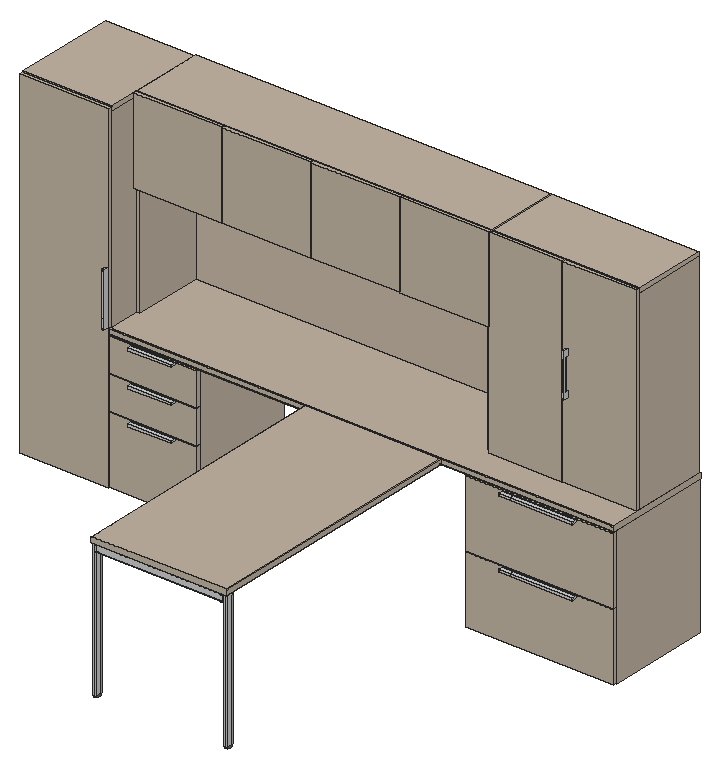
Revit family "FLT019", category Furniture, Revit 2019
Family settings
  OmniClass Number = 23.40.20.00
  OmniClass Title = General Furniture and Specialties
  Work Plane-Based = No
  Always vertical = Yes
  Cut with Voids When Loaded = No
  Shared = Yes
  Room Calculation Point = No
Parameters
  Series = "Flux Laminate"
  Manufacturer = "JSI"
  Description = "FLT019"
Reference planes (in)
  plane 1 "Center Front/Back": y = 0
  plane 2: z = 0
  plane 3 "Center Left/Right": x = 0
Dimensions and locks (in)
  aligned and locked: level to plane 2
Nested families (in)
  nested 1: "JSI-Flux-Run_off-Rec_Tbl_Desk-Leg_Asmbly" at (28.19795, -31.0893, 0.4082) x (0, -1, 0) z (0, 0, 1), type "FLT2854RRTN, 54 x 28 Rnff Pen Tbl Dsk Lg Asmbly, Laminate"
    with Width 4' - 6", Depth 2' - 3 1/2"
  nested 2: "JSI-Flux-Wb_Pm_Ht" at (-10.30781, 16.23038, 0), type "FLT2218-69FDWL, Wb, L, Laminate"
    with V_Void_Dist 0' - 2", V_Pull_Width 0' - 10 27/32", V_Pull_R_R yes, V_Pull_R_L no, Top_Pull no, R_Vertical_Pull_Dist 1' - 5 3/4", Partition no, Hngr_L no, H_Void_Width 1' - 6 1/16", H_Void_Upper_Dist 0' - 2", H_Void_Top_Dist 0' - 2", H_Void_C_Dist 0' - 2", H_Void_Bottom_Dist 0' - 2", H_Dist_V_Void 0' - 8 31/32", Top_Shelf_Width 1' - 4 1/2", Top_Shelf_Dist 1' - 1.94079", Top_Shelf_Array_Dist 1' - 0.03977", Height 5' - 9 7/32", H_Dist_Bottom_Shelf 0' - 0", FD yes, F7 no, F2 no, F1 no, F0 no, F no, C_Shelf_Width 1' - 4 1/2", C_Pull no, Bottom_Shelf_Width 1' - 4 1/2", Bottom_Shelf_ Dist 1' - 7", Bottom Pull no, # of Top Shelf 2
  nested 3: "JSI-Flux-Strg_Tower" at (79.67624, 16.32244, 0.31279), type "FLT1630-40STD, 40"h Strg Tower, 2 Dr, Laminate"
    with WB_Shelf_Height 1' - 1.08333", WB_Shelf_Dist 0' - 8 1/8", Top Width 2' - 5 7/8", Width 2' - 5 7/8", Shelf Width 2' - 4 3/8", Shelf Dist 1' - 1.08333", Shelf Array Dist 1' - 1.08333", Pull Height 1' - 8", Pull Distance 1' - 3 35/64", Part_R_Dist 2' - 5 1/8", L no, Height 3' - 4", Door Width 1' - 2 7/8", Door Array Dist 1' - 3", Back Width 2' - 4 3/8", # of Shelf 2
  nested 4: "JSI-Flux-Prime_Ht_Strg_OH_Cab" at (7.80124, 16.30042, 0.37868), type "FLT1672-40SO, Strg OH Cab, 4 Dr, Laminate"
    with Width 5' - 11 7/8", Partition Distance_R 2' - 11 9/16", Partition Distance_L 2' - 11 9/16", Door Width 1' - 5 7/8", Door Array Distance 1' - 6", # of Doors 4
  nested 5: "JSI-Flux-Crednz_Ped" at (2.95749, 16.18082, 0.12839), type "FLT2218-29FM1, BFF Crdnz Pdst, Laminate"
    with Top_Right_Pull_Dist 0' - 4 37/64", Top_Left_Pull_Dist 0' - 4 37/64", Top Door yes, Width 1' - 6", T_R_Pull yes, T_L_Pull yes, R_Door_Void_Dist 0' - 0", M1 yes, M0 no, L_Door_Void_Dist 0' - 0", Grommet Dist 1' - 10", Drawer Line yes, Doors Line yes, C_Shelf no, C_Pull_Dist 0' - 4 37/64", C_Pull yes, Bottom_Pull_Dist 0' - 4 37/64", Bottom Support no, Bottom Panel Dist 0' - 5 1/8", Bottom Door yes, Back Support no, Depth 1' - 9 13/16", BT_Pull yes
  nested 6: "JSI-Flux-Crednz_Ped" at (75.03021, 16.30042, 0.06618), type "FLT2230-29FM4, FF Crdnz Pdst, Laminate"
    with Top_Right_Pull_Dist 0' - 7 9/16", Top_Left_Pull_Dist 0' - 7 9/16", Top Door yes, Width 2' - 6", T_R_Pull yes, T_L_Pull yes, Pull Width 1' - 2 7/8", M4 yes, M0 no, Grommet Dist 2' - 10", Drawer Line yes, Doors Line yes, C_Shelf no, C_Pull_Dist 2' - 6", Bottom_Pull_Dist 0' - 7 9/16", Bottom Support no, Bottom Panel Dist 0' - 5 1/8", Bottom Door yes, Depth 1' - 9 13/16", BT_Pull_Width 1' - 2 7/8", BT_Pull yes
  nested 7: "JSI-Flux-Modular_Top" at (7.76999, 16.44286, 0.3125), type "FLT22102MCT,  22 x 102 Mod Cred Top, Sec Sup, Laminate"
    with Width 8' - 6"
Definition of nested family "JSI-Flux-Run_off-Rec_Tbl_Desk-Leg_Asmbly"
  Parameters (values of type "Type Catalog Family - Rnff Table Desk Leg Asmbly")
    Worksurface = none
    Width = 5' - 0"
    URL = "www.jsifurniture.com"
    Type Comments = ""
    Series = "FLUX"  # constant formula
    Sec Support Dst = 1' - 9"
    Model = "FLT3466RRTN"
    Material = ""
    Manufacturer = "JSI"  # constant formula
    Keynote = "12500"
    JSI Enviromental Website = "http://www.jsifurniture.com/jsi_sustainability_intro.php"
    Height = 2' - 5"
    Glides = none
    Frame = none
    Description = "66 X 34 Rectangular Run-off Peninsula Table Desk with End Leg Assembly"
    Depth = 2' - 9 1/2"
    Chassis = none
    Assembly Code = "E2020200"
  Reference planes (in)
    plane 1: z = 0
    plane 2 "Center (Left/Right)": x = -36.06413
    plane 3: z = 29
    plane 4: z = 27.8125
    plane 5 "Center (Front/Back)": y = 10.75
    plane 6: z = 0.3125
    plane 7: y = -22.75
    plane 8: x = 23.93587
    plane 9: z = 21
  Forms (in)
    Extrusion 1, solid, material <- "Frame"
      sketch origin (84, 10.625, 0.3125) x (0, 1, 0) y (-1, 0, 0)
        loop
          line (0, 60.25163) -> (0, 61.50163)
          arc (0, 61.50163) -> (-0.03661, 61.59002) -> (-0.125, 61.62663) r 0.125
          line (-0.125, 61.62663) -> (-0.625, 61.62663)
          arc (-0.625, 61.62663) -> (-0.71339, 61.59002) -> (-0.75, 61.50163) r 0.125
          line (-0.75, 61.50163) -> (-0.75, 60.25163)
          arc (-0.75, 60.25163) -> (-0.71339, 60.16325) -> (-0.625, 60.12663) r 0.125
          line (-0.625, 60.12663) -> (-0.125, 60.12663)
          arc (-0.125, 60.12663) -> (-0.03661, 60.16325) -> (0, 60.25163) r 0.125
        loop
          line (-32.5, 60.25163) -> (-32.5, 61.50163)
          arc (-32.5, 61.50163) -> (-32.53661, 61.59002) -> (-32.625, 61.62663) r 0.125
          line (-32.625, 61.62663) -> (-33.125, 61.62663)
          arc (-33.125, 61.62663) -> (-33.21339, 61.59002) -> (-33.25, 61.50163) r 0.125
          line (-33.25, 61.50163) -> (-33.25, 60.25163)
          arc (-33.25, 60.25163) -> (-33.21339, 60.16325) -> (-33.125, 60.12663) r 0.125
          line (-33.125, 60.12663) -> (-32.625, 60.12663)
          arc (-32.625, 60.12663) -> (-32.53661, 60.16325) -> (-32.5, 60.25163) r 0.125
      from 0 to 27.5
    Extrusion 2, solid, material <- "Worksurface"
      sketch origin (0, 0, 0) x (0, 1, 0) y (0, 0, 1)
        loop
          arc (10.625, 27.8125) -> (10.71339, 27.84911) -> (10.75, 27.9375) r 0.125
          line (10.75, 27.9375) -> (10.75, 28.875)
          arc (10.75, 28.875) -> (10.71339, 28.96339) -> (10.625, 29) r 0.125
          line (10.625, 29) -> (-22.625, 29)
          arc (-22.625, 29) -> (-22.71339, 28.96339) -> (-22.75, 28.875) r 0.125
          line (-22.75, 28.875) -> (-22.75, 27.9375)
          arc (-22.75, 27.9375) -> (-22.71339, 27.84911) -> (-22.625, 27.8125) r 0.125
          line (-22.625, 27.8125) -> (10.625, 27.8125)
      from -36.06413 to 23.93587
    Extrusion 3, solid, material <- "Frame"
      sketch origin (0, 0, 0) x (1, 0, 0) y (0, 0, 1)
        loop
          arc (23.24837, 27.8125) -> (23.15998, 27.77589) -> (23.12337, 27.6875) r 0.125
          line (23.12337, 27.6875) -> (23.12337, 26.4375)
          arc (23.12337, 26.4375) -> (23.15998, 26.34911) -> (23.24837, 26.3125) r 0.125
          line (23.24837, 26.3125) -> (23.74837, 26.3125)
          arc (23.74837, 26.3125) -> (23.83675, 26.34911) -> (23.87337, 26.4375) r 0.125
          line (23.87337, 26.4375) -> (23.87337, 27.6875)
          arc (23.87337, 27.6875) -> (23.83675, 27.77589) -> (23.74837, 27.8125) r 0.125
          line (23.74837, 27.8125) -> (23.24837, 27.8125)
      from -9.875 to 21.875
    Extrusion 4, solid, material <- "Glides"
      sketch origin (59, 0, 0) x (1, 0, 0) y (0, 1, 0)
        loop
          circle (-35.85735, 10.25072) r 0.55846
        loop
          circle (-35.85735, -22.25072) r 0.55846
      from 0 to 0.3125
  Lines and regions (in)
    symbolic lines
      curve 1: line (-36.06413, -22.75, 0) -> (23.93587, -22.75, 0)
      curve 2: line (-36.06413, 10.75, 0) -> (-36.06413, -22.75, 0)
      curve 3: line (23.93587, 10.75, 0) -> (-36.06413, 10.75, 0)
      curve 4: line (23.93587, -22.75, 0) -> (23.93587, 10.75, 0)
    symbolic lines, detail levels medium+fine
      curve 5: line (23.87337, 10.625, 0) -> (22.37337, 10.625, 0)
      curve 6: line (22.37337, 9.875, 0) -> (23.87337, 9.875, 0)
      curve 7: line (23.87337, 9.875, 0) -> (23.87337, 10.625, 0)
      curve 8: line (22.37337, 10.625, 0) -> (22.37337, 9.875, 0)
      curve 9: line (22.37337, -22.625, 0) -> (23.87337, -22.625, 0)
      curve 10: line (23.87337, -21.875, 0) -> (22.37337, -21.875, 0)
      curve 11: line (22.37337, -21.875, 0) -> (22.37337, -22.625, 0)
      curve 12: line (23.87337, -22.625, 0) -> (23.87337, -21.875, 0)
  Dimensions and locks (in)
    locked: plane 6 to level at 0.3125
    "Depth": plane 7 to plane 5 "Center (Front/Back)"
    locked: plane 3 to plane 4 at 1.1875
    plane 3 to level = 2' - 5"
    "Width": plane 2 "Center (Left/Right)" to plane 8
    Extrusion 1 sketch curve to Extrusion 1 sketch curve to plane 8 = 0' - 1 1/2" locked, 0' - 0 1/16" locked  (x2)
    Extrusion 1 sketch curve to Extrusion 1 sketch curve to plane 5 "Center (Front/Back)" = 0' - 0 3/4" locked, 0' - 0 1/8" locked
    Extrusion 1 sketch curve to Extrusion 1 sketch curve to plane 7 = 0' - 0 3/4" locked, 0' - 0 1/8" locked
    plane 8 to Extrusion 3 sketch curve to Extrusion 3 sketch curve = 0' - 0 1/16" locked, 0' - 0 3/4" locked
    locked: plane 4 to Extrusion 3 sketch curve at 1.5
    locked: Extrusion 4 sketch curve to plane 8 at 0.79322  (x2)
    locked: Extrusion 4 sketch curve to plane 5 "Center (Front/Back)" at 0.49928
    locked: plane 7 to Extrusion 4 sketch curve at 0.49928
    "Sec Support Dst": plane 9 to plane 1
    aligned and locked: level to plane 1
    aligned and locked: plane 4 to Extrusion 1
    aligned and locked: Extrusion 1 to plane 6
    aligned and locked: Extrusion 2 sketch curve to plane 5 "Center (Front/Back)"
    aligned and locked: plane 3 to Extrusion 2 sketch curve
    aligned and locked: Extrusion 2 sketch curve to plane 4
    aligned and locked: plane 7 to Extrusion 2 sketch curve
    aligned and locked: Extrusion 2 to plane 2 "Center (Left/Right)"
    aligned and locked: plane 8 to Extrusion 2
    aligned and locked: Extrusion 3 sketch curve to plane 4
    aligned and locked: Extrusion 3 to Extrusion 1  (x2)
    aligned and locked: curve 2 to plane 2 "Center (Left/Right)"
    aligned and locked: plane 8 to curve 4
    aligned and locked: curve 3 to plane 5 "Center (Front/Back)"
    aligned and locked: plane 7 to curve 1
    aligned and locked: curve 5 to Extrusion 1
    aligned and locked: curve 6 to Extrusion 1
    aligned and locked: curve 7 to Extrusion 1
    aligned and locked: curve 8 to Extrusion 1
    aligned and locked: curve 9 to Extrusion 1
    aligned and locked: curve 10 to Extrusion 1
    aligned and locked: curve 11 to Extrusion 1
    aligned and locked: curve 12 to Extrusion 1
  Automatic sketch dimensions
    Extrusion 1 sketch curve to Extrusion 1 sketch curve = 0' - 0 1/8"  (x8)
    Extrusion 2 sketch curve to Extrusion 2 sketch curve = 0' - 0 1/8"  (x3)
    plane 4 to Extrusion 2 sketch curve = 0' - 0 1/8"
    Extrusion 3 sketch curve to Extrusion 3 sketch curve = 0' - 0 1/8"  (x4)
    radius of Extrusion 4 sketch curve = 0' - 0.55846"  (x2)
Definition of nested family "JSI-Flux-Wb_Pm_Ht"
  Parameters (values of type "Type Catalog - Wb, Pm Ht")
    W = no
    V_Void_Dist = if(F, 0' 0", (if(W, (if(F7, (if(Width > 1' 7", 0' 0", 0' 2")), 0' 2")), 0' 2")))  # 0' - 0"
    V_Pull_Width = if(Height > 5' 10", 1' 2 27/32", 0' 10 27/32")  # 1' - 2 27/32"
    V_Pull_R_R = if(FD, (if(L, 1 > 2, 2 > 1)), (if(F, 1 > 2, (if(W, 1 > 2, 2 > 1)))))  # no
    V_Pull_R_L = if(FD, (if(L, 2 > 1, 1 > 2)), (if(F, (if(F0, (if(L, 1 > 2, 2 > 1)), 2 > 1)), 1 > 2)))  # yes
    V_Pull_L_R = if(FD, 1 > 2, (if(F, (if(F0, (if(L, 2 > 1, 1 > 2)), 2 > 1)), (if(W, (if(L, 1 > 2, (if(Width > 2' 1", 1 > 2, (if(F0, 1 > 2, 2 > 1)))))), 1 > 2)))))  # no
    V_Pull_L_L = if(FD, 1 > 2, (if(F, 1 > 2, (if(W, (if(Width > 2' 1", (if(F0, 1 > 2, 2 > 1)), (if(L, (if(F0, 1 > 2, 2 > 1)), 1 > 2)))), 2 > 1)))))  # no
    Top_V_Void_Dist = if(W, (if(Width > 2' 1", 0' 0", 0' 2")), 0' 2")  # 0' - 2"
    Top_Pull_Dist = if(W, (if(Width > 2' 1", (if(F7, ((Width / 2) - 0' 0 7/32" - Pull_Width), ((Width / 2) - (Pull_Width / 2)))), (if(F0, (if(F1, ((Width / 2) - (Pull_Width / 2)), (if(F2, ((Width / 2) - (Pull_Width / 2)), (if(L, (0' 0 1/4" + 0' 0 1/16"), (Width - 0' 0 1/4" - 0' 0 1/16" - Pull_Width))))))), (if(L, (0' 0 1/4" + 0' 0 1/16"), (Width - 0' 0 1/4" - 0' 0 1/16" - Pull_Width))))))), (if(L, Partition Dist + 0' 0 1/16" + 0' 0 7/32", Partition Dist + 0' 0 11/16" - 0' 0 7/32" - Pull_Width)))  # 0' - 0 29/32"
    Top_Pull = if(F1, 2 > 1, (if(F2, 2 > 1, (if(F7, 2 > 1, 1 > 2)))))  # yes
    Top_2_Pull_Dist = if(W, (if(F7, (if(Width > 1' 6", ((Width / 2) + 0' 0 1/16" + 0' 0 7/32"), Width + 0' 2")), Width + 0' 2")), Width + 0' 2")  # 1' - 8 1/16"
    Top_2_Pull = if(W, (if(F7, (if(Width > 2' 1", 2 > 1, 1 > 2)), 1 > 2)), 1 > 2)  # no
    R_Vertical_Pull_Dist = if(FD, (if(L, 0' 0 1/32" + 0' 0 1/16" + 0' 0 7/32", (Width - 0' 0 1/32" - 0' 0 1/16" - 0' 0 7/32"))), L_Vertical_Pull_Dist + 0' 0 7/16" + 0' 0 1/8")  # 1' - 0 5/16"
    Pull_Width = if(Width > 2' 1", (if(F7, 0' 10 27/32", 1' 2 3/4")), 0' 10 27/32")  # 0' - 10 27/32"
    Partition = if(FD, 1 > 2, (if(W, 1 > 2, 2 > 1)))  # yes
    L_Vertical_Pull_Dist = (if(W, (if(Width > 2' 1", ((Width / 2) + 0' 0 1/16" + 0' 0 7/32"), (if(L, 0' 0 1/16" + 0' 0 7/32", Width - 0' 0 1/16" - 0' 0 7/32")))), (if(L, Partition Dist - 0' 0 7/32" - 0' 0 1/16", Partition Dist + 0' 0 3/4" - 0' 0 7/32" - 0' 0 1/16"))))  # 0' - 11 3/4"
    Hngr_R = if(W, 1 > 2, (if(FD, 1 > 2, (if(L, 2 > 1, 1 > 2)))))  # no
    Hngr_L = if(W, 1 > 2, (if(FD, 1 > 2, (if(L, 1 > 2, 2 > 1)))))  # yes
    Hanger_Dist = if(L, Partition Dist + 0' 0 3/4", Partition Dist)  # 0' - 11 9/32"
    H_Void_Width = if(F, Top_Shelf_Width + 0' 1 1/2", Width)  # 1' - 0"
    H_Void_Upper_Dist = if(F0, 0' 0", 0' 2")  # 0' - 0"
    H_Void_Top_Dist = if(FD, 0' 2", 0' 0")  # 0' - 0"
    H_Void_H_Dist = if(F, (if(L, Partition Dist + 0' 0 1/16", 0' 0")), 0' 0")  # 0' - 0"
    H_Void_C_Dist = if(F1, 0' 0", 0' 2")  # 0' - 0"
    H_Void_Bottom_Dist = if(F1, 0' 0", (if(F2, 0' 0", 0' 2")))  # 0' - 0"
    H_Dist_V_Void = if(F, (if(L, Partition Dist - 0' 0 1/16", Partition Dist + 0' 0 3/4" - 0' 0 1/16")), (Width / 2) - 0' 0 1/16")  # 0' - 11 31/32"
    H_Dist_C_Panel = if(F, (if(L, Partition Dist - 0' 0 1/32", 0' 0")), 0' 0")  # 0' - 0"
    Top_Shelf_Width = C_Shelf_Width  # 0' - 10 1/2"
    Top_Shelf_Dist = (Height - 0' 0 5/16" - 0' 1 1/2" - 0' 1 3/16") / 4.75  # 1' - 4.46711"
    Top_Shelf_Array_Dist = (Height - 0' 0 5/16" - 0' 1 1/2" - 0' 1 3/16") / 5.5  # 1' - 2.22159"
    Top = none
    Width = 1' - 6 1/16"
    URL = "www.jsifurniture.com"
    Type Comments = ""
    TAG = if(FD, "1Door", (if(F1, "BBF", (if(F2, "FF", (if(Width < 2' 1", "1 Door", "2 Doors")))))))  # "BBF"
    Shelf = none
    Series = "FLUX"  # constant formula
    Pull Finish = none
    Partition Dist = if(L, 0' 6 1/32", Width - 0' 6 1/32" - 0' 0 3/4")  # 0' - 11 9/32"
    Model = ""
    Manufacturer = "JSI"  # constant formula
    L = no
    Keynote = "12500"
    JSI Enviromental Website = "http://www.jsifurniture.com/jsi_sustainability_intro.php"
    Height = 6' - 9 7/32"
    H_Dist_Top_Shelf = if(F, (if(L, Partition Dist + 0' 0 3/4", 0' 0 3/4" + 0' 0 1/32")), 0' 0 3/4" + 0' 0 1/32")  # 0' - 0 25/32"
    H_Dist_Bottom_Shelf = if(F, (if(L, 0' 0", Width - Bottom_Shelf_Width - 0' 0 1/16" - 0' 1 1/2")), 0' 0")  # 0' - 11 1/4"
    Glides = none
    FD = no
    F7 = yes
    F2 = yes
    F1 = yes
    F0 = yes
    F = yes
    Door Line = if(W, (if(Width > 2' 1", (if(F0, (if(F7, 2 > 1, 1 > 2)), 2 > 1)), 1 > 2)), 1 > 2)  # no
    C_Shelf_Width = if(F, Width - 0' 6 1/32" - 0' 1 1/2" - 0' 0 1/32", Width - 0' 0 1/16" - 0' 1 1/2")  # 0' - 10 1/2"
    C_Pull_Dist = Top_Pull_Dist  # 0' - 0 29/32"
    C_Pull = if(F1, 2 > 1, 1 > 2)  # yes
    Bottom_Shelf_Width = if(F, 0' 5 1/4", (Width - 0' 0 1/16" - 0' 1 1/2"))  # 0' - 5 1/4"
    Bottom_Shelf_ Dist = if(FD, 1' 7", 2' 1")  # 2' - 1"
    Bottom_Pull_Dist = Top_Pull_Dist  # 0' - 0 29/32"
    Bottom Pull = if(F1, 2 > 1, (if(F2, 2 > 1, 1 > 2)))  # yes
    Back Panel = none
    Door Front = none
    Description = ""
    Depth = 1' - 9 13/16"
    Chassis = none
    Assembly Code = "E2020200"
    # of Top Shelf = if(Height > 5' 10", 3, 2)  # 3
  Reference planes (in)
    plane 1: z = 0
    plane 2 "Center (Left/Right)": x = -36.06413
    plane 3 "Center (Front/Back)": y = 10.75
    plane 4: x = -18.00163
    plane 5: x = -36.03288
    plane 6: x = -18.03288
    plane 7: y = 10.71875
    plane 8: y = -10.28125
    plane 9: x = -35.28288
    plane 10: x = -18.78288
    plane 11: x = -27.03288
    plane 12: z = 81.21875
    plane 13: z = 0.3125
    plane 14: z = 1.5
    plane 15: z = 2.25
    plane 16: z = 80.46875
    plane 17: y = 10.65625
    plane 18: y = 9.90625
    plane 19: y = 5.90625
    plane 20: y = -10.25
    plane 21: y = -6.25
    plane 22: x = -34.28288
    plane 23: x = -19.78288
    plane 24: y = -9.25
    plane 25: y = 8.90625
    plane 26: y = -11.0625
    plane 27: z = 0.4375
    plane 28: x = -35.97038
    plane 29: x = -18.09538
    plane 30: x = -27.09538
    plane 31: x = -26.97038
    plane 32: z = 81.09375
    plane 33: z = 26.5
    plane 34: z = 27.25
    plane 35: z = 14.375
    plane 36: z = 14.75
    plane 37: z = 14
    plane 38: z = 68.46875
    plane 39: z = 67.71875
    plane 40: y = -10.3125
    plane 41: y = -10.3125
    plane 42: y = -11.3125
    plane 43: y = -10.3125
    plane 44: y = -11.3125
    plane 45: y = -10.3125
    plane 46: y = -11.3125
    plane 47: y = -10.3125
    plane 48: y = -11.3125
    plane 49: z = 26.9375
    plane 50: z = 27.0625
    plane 51: z = 1.625
    plane 52: z = 14.28125
    plane 53: z = 14.34375
    plane 54: z = 14.21875
    plane 55: x = -24.78288
    plane 56: x = -24.03288
    plane 57: x = -24.09538
    plane 58: x = -23.97038
    plane 59: z = 20.64063
    plane 60: z = 20.70313
    plane 61: z = 20.57813
    plane 62: x = -36.06413
    plane 63: x = -24.06413
    plane 64: y = -10.3125
    plane 65: y = -11.3125
    plane 66: x = -24.78288
    plane 67: y = -0.15625
    plane 68: z = 77.59375
    plane 69: x = -35.15788
    plane 70: x = -35.15788
    plane 71: x = -35.15788
    plane 72: z = 26.73438
    plane 73: z = 20.375
    plane 74: z = 14.01563
    plane 75: x = -24.31413
    plane 76: x = -23.75163
    plane 77: z = 40.76563
    plane 78: x = -16.00163
    plane 79: y = -12.3125
    plane 80: y = -13.3125
  Forms (in)
    Extrusion 1, solid, material <- "Chassis"
      sketch origin (0, 0, 0) x (1, 0, 0) y (0, 1, 0)
        loop
          line (-36.03288, 10.71875) -> (-36.03288, -10.25) -> (-35.28288, -10.25) -> (-35.28288, 10.71875) -> (-36.03288, 10.71875)
      from 0.3125 to 80.46875
    Extrusion 2, solid, material <- "Chassis"
      sketch origin (0, 0, 0) x (1, 0, 0) y (0, 1, 0)
        loop
          line (-18.03288, 10.71875) -> (-18.78288, 10.71875) -> (-18.78288, -10.25) -> (-18.03288, -10.25) -> (-18.03288, 10.71875)
      from 0.3125 to 80.46875
    Extrusion 3, solid, material <- "Back Panel"
      sketch origin (0, 0, 0) x (1, 0, 0) y (0, 1, 0)
        loop
          line (-18.78288, 10.65625) -> (-35.28288, 10.65625) -> (-35.28288, 9.90625) -> (-18.78288, 9.90625) -> (-18.78288, 10.65625)
      from 0.3125 to 80.46875
    Extrusion 4, solid, material <- "Top"
      sketch origin (0, 0, 0) x (0, 1, 0) y (0, 0, 1)
        loop
          line (10.75, 81.21875) -> (-10.28125, 81.21875) -> (-10.28125, 80.46875) -> (10.75, 80.46875) -> (10.75, 81.21875)
      from -36.06413 to -18.00163
    Extrusion 5, solid, material <- "Chassis"
      sketch origin (0, 0, 0) x (0, 1, 0) y (0, 0, 1)
        loop
          line (9.90625, 1.5) -> (5.90625, 1.5) -> (5.90625, 0.3125) -> (9.90625, 0.3125) -> (9.90625, 1.5)
      from -35.28288 to -18.78288
    Extrusion 6, solid, material <- "Chassis"
      sketch origin (0, 0, 0) x (0, 1, 0) y (0, 0, 1)
        loop
          line (-6.25, 1.5) -> (-10.25, 1.5) -> (-10.25, 0.3125) -> (-6.25, 0.3125) -> (-6.25, 1.5)
      from -35.28288 to -18.78288
    Extrusion 7, solid, material <- "Shelf"
      sketch origin (0, 0, 0) x (0, 1, 0) y (0, 0, 1)
        loop
          line (9.90625, 1.5) -> (9.90625, 2.25) -> (-10.25, 2.25) -> (-10.25, 1.5) -> (9.90625, 1.5)
      from -35.28288 to -18.78288
    Extrusion 8, solid, material <- "Glides"
      sketch origin (0, 0, 0) x (1, 0, 0) y (0, 1, 0)
        loop
          circle (-34.28288, 8.90625) r 0.5
      from 0 to 0.3125
    Extrusion 9, solid, material <- "Glides"
      sketch origin (0, 0, 0) x (1, 0, 0) y (0, 1, 0)
        loop
          circle (-19.78288, 8.90625) r 0.5
      from 0 to 0.3125
    Extrusion 10, solid, material <- "Glides"
      sketch origin (0, 0, 0) x (1, 0, 0) y (0, 1, 0)
        loop
          circle (-34.28288, -9.25) r 0.5
      from 0 to 0.3125
    Extrusion 11, solid, material <- "Glides"
      sketch origin (0, 0, 0) x (1, 0, 0) y (0, 1, 0)
        loop
          circle (-19.78288, -9.25) r 0.5
      from 0 to 0.3125
    Extrusion 12, solid, material <- "Shelf"
      sketch origin (0, 0, 0) x (1, 0, 0) y (0, 0, 1)
        loop
          line (-35.28288, 26.5) -> (-24.78288, 26.5) -> (-24.78288, 27.25) -> (-35.28288, 27.25) -> (-35.28288, 26.5)
      from -9.90625 to 10.25
    Extrusion 13, solid, material <- "Shelf"
      sketch origin (2.625, 0, 0) x (1, 0, 0) y (0, 0, 1)
        loop
          line (-26.65788, 14) -> (-21.40788, 14) -> (-21.40788, 14.75) -> (-26.65788, 14.75) -> (-26.65788, 14)
      from -9.90625 to 10.25
    Extrusion 14, solid, material <- "Shelf"
      sketch origin (-1, 0, -3.71711) x (1, 0, 0) y (0, 0, 1)
        loop
          line (-34.28288, 68.46875) -> (-34.28288, 67.71875) -> (-23.78288, 67.71875) -> (-23.78288, 68.46875) -> (-34.28288, 68.46875)
      from -9.90625 to 9.25
    Extrusion 15, solid, material <- "Shelf"
      sketch origin (-1, 0, -17.9387) x (1, 0, 0) y (0, 0, 1)
        loop
          line (-34.28288, 68.46875) -> (-34.28288, 67.71875) -> (-23.78288, 67.71875) -> (-23.78288, 68.46875) -> (-34.28288, 68.46875)
      from -9.90625 to 9.25
    Extrusion 16, solid, material <- "Shelf"
      sketch origin (-1, 0, -32.16029) x (1, 0, 0) y (0, 0, 1)
        loop
          line (-34.28288, 68.46875) -> (-34.28288, 67.71875) -> (-23.78288, 67.71875) -> (-23.78288, 68.46875) -> (-34.28288, 68.46875)
      from -9.90625 to 9.25
    Extrusion 17, solid, material <- "Door Front"
      sketch origin (0, 0, 0) x (1, 0, 0) y (0, 1, 0)
        loop
          line (-35.97038, -10.3125) -> (-35.97038, -11.0625) -> (-18.09538, -11.0625) -> (-18.09538, -10.3125) -> (-35.97038, -10.3125)
      from 0.4375 to 81.09375
    Extrusion 18, solid, material <- "Chassis", visible <- "Partition"
      sketch origin (0, 0, 0) x (1, 0, 0) y (0, 1, 0)
        loop
          line (-24.78288, 9.90625) -> (-24.78288, -10.25) -> (-24.03288, -10.25) -> (-24.03288, 9.90625) -> (-24.78288, 9.90625)
      from 2.25 to 80.46875
    Extrusion 19, void
      sketch origin (0, 0, 0) x (1, 0, 0) y (0, 1, 0)
        loop
          line (-24.09538, -10.3125) -> (-24.09538, -11.3125) -> (-23.97038, -11.3125) -> (-23.97038, -10.3125) -> (-24.09538, -10.3125)
      from 0.3125 to 81.21875
    Extrusion 20, void
      sketch origin (0, 0, 0) x (1, 0, 0) y (0, 0, 1)
        loop
          line (-36.06413, 26.9375) -> (-24.06413, 26.9375) -> (-24.06413, 27.0625) -> (-36.06413, 27.0625) -> (-36.06413, 26.9375)
      from 10.3125 to 11.3125
    Extrusion 21, void
      sketch origin (0, 0, 0) x (1, 0, 0) y (0, 0, 1)
        loop
          line (-36.06413, 20.70313) -> (-36.06413, 20.57813) -> (-24.06413, 20.57813) -> (-24.06413, 20.70313) -> (-36.06413, 20.70313)
      from 10.3125 to 11.3125
    Extrusion 22, void
      sketch origin (0, 0, 0) x (1, 0, 0) y (0, 0, 1)
        loop
          line (-36.06413, 14.34375) -> (-36.06413, 14.21875) -> (-24.06413, 14.21875) -> (-24.06413, 14.34375) -> (-36.06413, 14.34375)
      from 10.3125 to 11.3125
    Extrusion 23, void
      sketch origin (0, 0, 0) x (1, 0, 0) y (0, 0, 1)
        loop
          line (-36.06413, 81.21875) -> (-36.06413, 27.0625) -> (-24.06413, 27.0625) -> (-24.06413, 81.21875) -> (-36.06413, 81.21875)
      from 10.3125 to 11.3125
    Extrusion 24, void
      sketch origin (0, 0, 0) x (1, 0, 0) y (0, 1, 0)
        loop
          line (-24.09538, -12.3125) -> (-24.09538, -13.3125) -> (-23.97038, -13.3125) -> (-23.97038, -12.3125) -> (-24.09538, -12.3125)
      from 26.9375 to 81.21875
  Cuts and joins
    Extrusion 19, Extrusion 20, Extrusion 21, Extrusion 22, Extrusion 23, Extrusion 24 cuts Extrusion 17
  Lines and regions (in)
    symbolic lines
      curve 1: line (-36.06413, 10.75, 0) -> (-36.06413, -10.28125, 0)
      curve 2: line (-18.00163, 10.75, 0) -> (-36.06413, 10.75, 0)
      curve 3: line (-18.00163, -10.28125, 0) -> (-36.06413, -10.28125, 0)
      curve 4: line (-18.00163, 10.75, 0) -> (-18.00163, -10.28125, 0)
      curve 15: line (-35.97038, -10.3125, 0) -> (-35.97038, -11.0625, 0)
      curve 16: line (-18.09538, -10.3125, 0) -> (-23.97038, -10.3125, 0)
      curve 17: line (-18.09538, -11.0625, 0) -> (-23.97038, -11.0625, 0)
      curve 18: line (-18.09538, -10.3125, 0) -> (-18.09538, -11.0625, 0)
      curve 21: line (-24.09538, -10.3125, 0) -> (-35.97038, -10.3125, 0)
      curve 22: line (-24.09538, -11.0625, 0) -> (-35.97038, -11.0625, 0)
    symbolic lines, detail levels medium+fine
      curve 5: line (-36.03288, 10.71875, 0) -> (-36.03288, -10.25, 0)
      curve 6: line (-35.28288, 10.71875, 0) -> (-35.28288, -10.25, 0)
      curve 7: line (-18.78288, 10.71875, 0) -> (-18.78288, -10.25, 0)
      curve 8: line (-18.03288, 10.71875, 0) -> (-18.03288, -10.25, 0)
      curve 9: line (-35.28288, 10.71875, 0) -> (-36.03288, 10.71875, 0)
      curve 10: line (-35.28288, -10.25, 0) -> (-36.03288, -10.25, 0)
      curve 11: line (-18.03288, 10.71875, 0) -> (-18.78288, 10.71875, 0)
      curve 12: line (-18.03288, -10.25, 0) -> (-18.78288, -10.25, 0)
      curve 13: line (-18.78288, 10.65625, 0) -> (-35.28288, 10.65625, 0)
      curve 14: line (-18.78288, 9.90625, 0) -> (-35.28288, 9.90625, 0)
    symbolic lines, visible <- "F"
      curve 19: line (-24.09538, -10.3125, 0) -> (-24.09538, -11.0625, 0)
      curve 20: line (-23.97038, -10.3125, 0) -> (-23.97038, -11.0625, 0)
    symbolic lines, visible <- "FD"
      curve 23: line (-24.09538, -10.3125, 0) -> (-23.97038, -10.3125, 0)
      curve 24: line (-24.09538, -11.0625, 0) -> (-23.97038, -11.0625, 0)
    symbolic lines, visible <- "Door Line"
      curve 25: line (-24.09538, -10.3125, 0) -> (-24.09538, -11.0625, 0)
      curve 26: line (-23.97038, -10.3125, 0) -> (-23.97038, -11.0625, 0)
    symbolic lines, visible <- "W"
      curve 27: line (-24.09538, -11.0625, 0) -> (-23.97038, -11.0625, 0)
      curve 28: line (-24.09538, -10.3125, 0) -> (-23.97038, -10.3125, 0)
  Dimensions and locks (in)
    locked: plane 2 "Center (Left/Right)" to plane 5 at 0.03125
    locked: plane 6 to plane 4 at 0.03125
    "Width": plane 2 "Center (Left/Right)" to plane 4
    locked: plane 7 to plane 3 "Center (Front/Back)" at 0.03125
    locked: plane 5 to plane 9 at 0.75
    locked: plane 10 to plane 6 at 0.75
    equal spacing: plane 2 "Center (Left/Right)", plane 11, plane 4
    "Height": plane 12 to plane 1
    locked: plane 12 to plane 16 at 0.75
    locked: plane 13 to plane 1 at 0.3125
    locked: plane 15 to plane 14 at 0.75
    locked: plane 14 to plane 13 at 1.1875
    plane 18 to plane 17 to plane 7 = 0' - 0 3/4" locked, 0' - 0 1/16" locked
    locked: plane 19 to plane 18 at 4
    plane 40 to plane 8 to plane 20 = 0' - 0 1/32", 0' - 0 1/32"
    locked: plane 20 to plane 21 at 4
    locked: plane 9 to plane 22 at 1
    locked: plane 23 to plane 10 at 1
    locked: plane 20 to plane 24 at 1
    locked: plane 25 to plane 18 at 1
    locked: curve 5 to curve 6 at 0.75
    locked: curve 7 to curve 8 at 0.75
    locked: plane 27 to plane 13 at 0.125
    locked: plane 5 to plane 28 at 0.0625
    locked: plane 29 to plane 6 at 0.0625
    plane 30 to plane 11 to plane 31 = 0' - 0 1/16" locked, 0' - 0 1/16" locked
    locked: plane 12 to plane 32 at 0.125
    locked: plane 34 to plane 33 at 0.75
    "Bottom_Shelf_ Dist": plane 34 to plane 15
    equal spacing: plane 33, plane 35, plane 15
    plane 36 to plane 35 to plane 37 = 0' - 0 3/8" locked, 0' - 0 3/8" locked
    locked: plane 38 to plane 39 at 0.75
    locked: plane 26 to plane 40 at 0.75
    "Depth": plane 26 to plane 3 "Center (Front/Back)"
    "C_Shelf_Width": Extrusion 12 sketch curve to Extrusion 12 sketch curve
    "Bottom_Shelf_Width": Extrusion 13 sketch curve to Extrusion 13 sketch curve
    "H_Dist_Bottom_Shelf": Extrusion 13 to plane 9
    "H_Dist_C_Panel": Extrusion 12 to plane 9
    "Top_Shelf_Width": Extrusion 14 sketch curve to Extrusion 14 sketch curve
    locked: Extrusion 14 sketch curve to Extrusion 14 sketch curve at 0.75
    "Top_Shelf_Width": Extrusion 15 sketch curve to Extrusion 15 sketch curve
    locked: Extrusion 15 sketch curve to Extrusion 15 sketch curve at 0.75
    equal spacing: group 1, group 2, group 3  (x2)
    equal spacing: group 3, group 2, group 1
    "H_Dist_Top_Shelf": Extrusion 14 to plane 2 "Center (Left/Right)"
    "Top_Shelf_Dist": plane 12 to Extrusion 14
    "Top_Shelf_Array_Dist": Extrusion 14 to Extrusion 15
    "Top_Shelf_Width": Extrusion 16 sketch curve to Extrusion 16 sketch curve
    locked: Extrusion 16 sketch curve to Extrusion 16 sketch curve at 0.75
    locked: plane 34 to plane 49 at 0.3125
    locked: plane 50 to plane 49 at 0.125
    locked: plane 51 to plane 14 at 0.125
    equal spacing: plane 49, plane 52, plane 51
    plane 53 to plane 52 to plane 54 = 0' - 0 1/16" locked, 0' - 0 1/16" locked
    locked: plane 55 to plane 56 at 0.75
    "Partition Dist": plane 2 "Center (Left/Right)" to plane 55
    locked: plane 57 to plane 58 at 0.125
    "H_Dist_V_Void": plane 2 "Center (Left/Right)" to plane 57
    equal spacing: plane 49, plane 59, plane 53
    plane 60 to plane 59 to plane 61 = 0' - 0 1/16" locked, 0' - 0 1/16" locked
    "H_Void_Width": plane 62 to plane 63
    "H_Void_H_Dist": plane 2 "Center (Left/Right)" to plane 62
    "V_Void_Dist": plane 41 to plane 40
    "H_Void_Top_Dist": plane 43 to plane 40
    "H_Void_C_Dist": plane 45 to plane 40
    "H_Void_Bottom_Dist": plane 47 to plane 40
    locked: plane 42 to plane 41 at 1
    locked: plane 44 to plane 43 at 1
    locked: plane 46 to plane 45 at 1
    locked: plane 48 to plane 47 at 1
    locked: plane 65 to plane 64 at 1
    "H_Void_Upper_Dist": plane 64 to plane 40
    equal spacing: plane 26, plane 67, plane 3 "Center (Front/Back)"
    locked: plane 12 to plane 68 at 3.625
    "Hanger_Dist": plane 2 "Center (Left/Right)" to plane 66
    locked: plane 49 to plane 72 at 0.20313
    locked: plane 61 to plane 73 at 0.20312
    locked: plane 54 to plane 74 at 0.20312
    "Top_Pull_Dist": plane 2 "Center (Left/Right)" to plane 69
    "C_Pull_Dist": plane 2 "Center (Left/Right)" to plane 70
    "Bottom_Pull_Dist": plane 2 "Center (Left/Right)" to plane 71
    plane 12 to plane 13 = 6' - 8 29/32"
    equal spacing: plane 12, plane 77, plane 13
    "L_Vertical_Pull_Dist": plane 2 "Center (Left/Right)" to plane 75
    "R_Vertical_Pull_Dist": plane 2 "Center (Left/Right)" to plane 76
    "Top_2_Pull_Dist": plane 2 "Center (Left/Right)" to plane 78
    locked: plane 80 to plane 79 at 1
    "Top_V_Void_Dist": plane 79 to plane 43
    radius of Extrusion 8 sketch curve = 0' - 0 1/2"
    radius of Extrusion 9 sketch curve = 0' - 0 1/2"
    radius of Extrusion 10 sketch curve = 0' - 0 1/2"
    radius of Extrusion 11 sketch curve = 0' - 0 1/2"
    aligned and locked: level to plane 1
    aligned and locked: Extrusion 1 sketch curve to plane 5
    aligned and locked: Extrusion 1 sketch curve to plane 9
    aligned and locked: Extrusion 1 sketch curve to plane 7
    aligned and locked: Extrusion 2 sketch curve to plane 7
    aligned and locked: Extrusion 2 sketch curve to plane 6
    aligned and locked: Extrusion 2 sketch curve to plane 10
    aligned and locked: Extrusion 3 sketch curve to plane 17
    aligned and locked: Extrusion 3 sketch curve to plane 18
    aligned and locked: Extrusion 3 sketch curve to plane 9
    aligned and locked: Extrusion 3 sketch curve to plane 10
    aligned and locked: plane 16 to Extrusion 3
    aligned and locked: plane 3 "Center (Front/Back)" to Extrusion 4 sketch curve
    aligned and locked: plane 12 to Extrusion 4 sketch curve
    aligned and locked: plane 16 to Extrusion 4 sketch curve
    aligned and locked: plane 8 to Extrusion 4 sketch curve
    aligned and locked: Extrusion 4 to plane 2 "Center (Left/Right)"
    aligned and locked: plane 4 to Extrusion 4
    aligned and locked: plane 18 to Extrusion 5 sketch curve
    aligned and locked: plane 19 to Extrusion 5 sketch curve
    aligned and locked: plane 13 to Extrusion 5 sketch curve
    aligned and locked: plane 14 to Extrusion 5 sketch curve
    aligned and locked: Extrusion 3 to plane 13
    aligned and locked: plane 21 to Extrusion 6 sketch curve
    aligned and locked: plane 20 to Extrusion 6 sketch curve
    aligned and locked: plane 13 to Extrusion 6 sketch curve
    aligned and locked: plane 14 to Extrusion 6 sketch curve
    aligned and locked: Extrusion 5 to plane 9
    aligned and locked: Extrusion 6 to plane 9
    aligned and locked: plane 10 to Extrusion 6
    aligned and locked: plane 10 to Extrusion 5
    aligned and locked: plane 14 to Extrusion 7 sketch curve
    aligned and locked: plane 15 to Extrusion 7 sketch curve
    aligned and locked: plane 18 to Extrusion 7 sketch curve
    aligned and locked: plane 20 to Extrusion 7 sketch curve
    aligned and locked: Extrusion 7 to plane 9
    aligned and locked: plane 10 to Extrusion 7
    aligned and locked: Extrusion 10 to plane 1
    aligned and locked: Extrusion 8 to plane 1
    aligned and locked: plane 13 to Extrusion 8
    aligned and locked: plane 13 to Extrusion 10
    aligned and locked: Extrusion 11 to plane 1
    aligned and locked: Extrusion 9 to plane 1
    aligned and locked: plane 13 to Extrusion 9
    aligned and locked: plane 13 to Extrusion 11
    aligned and locked: plane 11 to nested 1
    aligned and locked: curve 1 to plane 2 "Center (Left/Right)"
    aligned and locked: curve 2 to plane 3 "Center (Front/Back)"
    aligned and locked: curve 4 to plane 4
    aligned and locked: curve 9 to plane 7
    aligned and locked: curve 11 to plane 7
    aligned and locked: curve 5 to plane 5
    aligned and locked: curve 7 to plane 10
    aligned and locked: plane 9 to curve 14
    aligned and locked: plane 10 to curve 13
    aligned and locked: plane 10 to curve 14
    aligned and locked: plane 26 to nested 1
    aligned and locked: plane 8 to Extrusion 4
    aligned and locked: plane 20 to Extrusion 1
    aligned and locked: curve 10 to plane 20
    aligned and locked: curve 12 to plane 20
    aligned and locked: plane 20 to Extrusion 2
    aligned and locked: Extrusion 12 sketch curve to plane 33
    aligned and locked: Extrusion 12 sketch curve to plane 34
    aligned and locked: Extrusion 12 to plane 18
    aligned and locked: plane 20 to Extrusion 12
    aligned and locked: Extrusion 13 sketch curve to plane 37
    aligned and locked: Extrusion 13 sketch curve to plane 36
    aligned and locked: Extrusion 14 to plane 18
    aligned and locked: plane 24 to Extrusion 14
    aligned and locked: Extrusion 14 to Extrusion 15
    aligned and locked: Extrusion 17 sketch curve to plane 28
    aligned and locked: Extrusion 17 sketch curve to plane 40
    aligned and locked: Extrusion 17 sketch curve to plane 26
    aligned and locked: Extrusion 17 sketch curve to plane 29
    aligned and locked: Extrusion 17 to plane 27
    aligned and locked: plane 32 to Extrusion 17
    aligned and locked: Extrusion 18 sketch curve to plane 55
    aligned and locked: Extrusion 18 sketch curve to plane 56
    aligned and locked: Extrusion 18 sketch curve to plane 18
    aligned and locked: Extrusion 18 sketch curve to plane 20
    aligned and locked: Extrusion 18 to plane 15
    aligned and locked: plane 16 to Extrusion 18
    aligned and locked: Extrusion 13 to plane 18
    aligned and locked: plane 20 to Extrusion 13
    aligned and locked: Extrusion 19 sketch curve to plane 57
    aligned and locked: Extrusion 19 sketch curve to plane 58
    aligned and locked: Extrusion 19 sketch curve to plane 41
    aligned and locked: Extrusion 19 sketch curve to plane 42
    aligned and locked: Extrusion 19 to plane 13
    aligned and locked: plane 12 to Extrusion 19
    aligned and locked: Extrusion 20 sketch curve to plane 49
    aligned and locked: Extrusion 20 sketch curve to plane 50
    aligned and locked: Extrusion 20 sketch curve to plane 62
    aligned and locked: Extrusion 20 sketch curve to plane 63
    aligned and locked: plane 44 to Extrusion 20
    aligned and locked: Extrusion 20 to plane 43
    aligned and locked: Extrusion 21 sketch curve to plane 60
    aligned and locked: Extrusion 21 sketch curve to plane 61
    aligned and locked: Extrusion 21 sketch curve to plane 62
    aligned and locked: Extrusion 21 sketch curve to plane 63
    aligned and locked: plane 46 to Extrusion 21
    aligned and locked: Extrusion 21 to plane 45
    aligned and locked: Extrusion 22 sketch curve to plane 53
    aligned and locked: Extrusion 22 sketch curve to plane 54
    aligned and locked: Extrusion 22 sketch curve to plane 62
    aligned and locked: Extrusion 22 sketch curve to plane 63
    aligned and locked: plane 48 to Extrusion 22
    aligned and locked: Extrusion 22 to plane 47
    aligned and locked: Extrusion 23 sketch curve to plane 12
    aligned and locked: Extrusion 23 sketch curve to plane 62
    aligned and locked: Extrusion 23 sketch curve to plane 63
    aligned and locked: Extrusion 23 sketch curve to plane 50
    aligned and locked: plane 65 to Extrusion 23
    aligned and locked: Extrusion 23 to plane 64
    aligned and locked: plane 66 to nested 2
    aligned and locked: plane 68 to nested 2
    aligned and locked: plane 67 to nested 2
    aligned and locked: nested 3 to plane 69
    aligned and locked: nested 4 to plane 70
    aligned and locked: nested 5 to plane 71
    aligned and locked: plane 72 to nested 3
    aligned and locked: plane 73 to nested 4
    aligned and locked: plane 74 to nested 5
    aligned and locked: plane 77 to nested 6
    aligned and locked: plane 75 to nested 6
    aligned and locked: plane 77 to nested 7
    aligned and locked: plane 76 to nested 7
    aligned and locked: plane 26 to nested 3
    aligned and locked: nested 4 to plane 26
    aligned and locked: plane 26 to nested 5
    aligned and locked: plane 26 to nested 6
    aligned and locked: plane 26 to nested 7
    aligned and locked: plane 16 to Extrusion 1
    aligned and locked: plane 16 to Extrusion 2
    aligned and locked: curve 15 to plane 28
    aligned and locked: curve 16 to plane 40
    aligned and locked: curve 17 to plane 26
    aligned and locked: curve 18 to plane 29
    aligned and locked: plane 58 to curve 24
    aligned and locked: plane 40 to curve 23
    aligned and locked: plane 26 to curve 24
    aligned and locked: plane 72 to nested 8
    aligned and locked: nested 8 to plane 78
    aligned and locked: Extrusion 24 sketch curve to plane 57
    aligned and locked: Extrusion 24 sketch curve to plane 58
    aligned and locked: Extrusion 24 sketch curve to plane 79
    aligned and locked: Extrusion 24 sketch curve to plane 80
    aligned and locked: plane 12 to Extrusion 24
    aligned and locked: Extrusion 24 to plane 49
    aligned and locked: curve 25 to plane 57
    aligned and locked: curve 26 to plane 58
    aligned and locked: plane 40 to curve 26
    aligned and locked: plane 26 to curve 26
    aligned and locked: plane 26 to curve 27
    aligned and locked: plane 40 to curve 28
  Automatic sketch dimensions
    Extrusion 8 sketch curve to plane 22 = 0' - 0"
    plane 25 to Extrusion 8 sketch curve = 0' - 0"
    Extrusion 9 sketch curve to plane 23 = 0' - 0"
    plane 25 to Extrusion 9 sketch curve = 0' - 0"
    Extrusion 10 sketch curve to plane 22 = 0' - 0"
    plane 24 to Extrusion 10 sketch curve = 0' - 0"
    Extrusion 11 sketch curve to plane 23 = 0' - 0"
    plane 24 to Extrusion 11 sketch curve = 0' - 0"
    plane 20 to Extrusion 1 sketch curve = 0' - 0"
    plane 20 to Extrusion 2 sketch curve = 0' - 0"
    plane 8 to curve 4 = 0' - 0"
    plane 18 to curve 14 = 0' - 0"
    plane 17 to curve 13 = 0' - 0"
    Extrusion 12 sketch curve to plane 9 = 0' - 0"
    Extrusion 13 sketch curve to plane 56 = 0' - 0"
  Nested families (in)
    nested 1: "Label 1-16" at (-27.03288, -11.0625, 0), type "DRWCFG"
    nested 2: "Hanger" at (-28.02501, -0.15625, 77.59375), Hngr L <- "Hngr_L", Hngr R <- "Hngr_R", Hanger Finish <- "Pull Finish", type "HNGR"
      with Hngr R no, Hngr L yes, Hanger Finish none
    nested 3: "Bar Pull CL" at (-32.97814, -11.0625, 26.73438), visible <- "Top_Pull", Pull Line <- "Top_Pull", Pull Finish <- "Pull Finish", type "PL"
      with Pull Line yes, Pull Finish none, Stud 0' - 1.54911", Pull Width 0' - 10 27/32"
    nested 4: "Bar Pull CL" at (-32.97814, -11.0625, 20.375), visible <- "C_Pull", Pull Line <- "C_Pull", Pull Finish <- "Pull Finish", type "PL"
      with Pull Line yes, Pull Finish none, Stud 0' - 1.54911", Pull Width 0' - 10 27/32"
    nested 5: "Bar Pull CL" at (-32.97814, -11.0625, 14.01563), visible <- "Bottom Pull", Pull Line <- "Bottom Pull", Pull Finish <- "Pull Finish", type "PL"
      with Pull Line yes, Pull Finish none, Stud 0' - 1.54911", Pull Width 0' - 10 27/32"
    nested 6: "Bar Pull V" at (-27.55626, -11.0625, 40.76563), Pull R <- "V_Pull_L_R", Pull L <- "V_Pull_L_L", Pull Finish <- "Pull Finish", type "PL"
      with Pull R no, Pull L no, Pull Finish none, Tuks Width 0' - 2.47396", Pull Width 1' - 2 27/32"
    nested 7: "Bar Pull V" at (-26.99376, -11.0625, 40.76563), Pull R <- "V_Pull_R_R", Pull L <- "V_Pull_R_L", Pull Finish <- "Pull Finish", type "PL"
      with Pull R no, Pull L yes, Pull Finish none, Tuks Width 0' - 2.47396", Pull Width 1' - 2 27/32"
    nested 8: "Bar Pull CL" at (-13.82189, -11.0625, 26.73438), Pull Finish <- "Pull Finish", visible <- "Top_2_Pull", Pull Line <- "Top_2_Pull", type "PL"
      with Pull Line no, Pull Finish none, Stud 0' - 1.54911", Pull Width 0' - 10 27/32"
  Definition of nested family "Hanger"
    Parameters
      Hngr L [instance] = yes
      Hngr R [instance] = yes
      Hanger Finish [instance] = none
    Reference planes (in)
      plane 1 "Center Front/Back": y = 0
      plane 2: z = 0
      plane 3 "Center Left/Right": x = 3.24213
    Forms (in)
      Extrusion 1, solid, material <- "Hanger Finish", visible <- "Hngr R"
        sketch origin (0, 0, -65.69959) x (1, 0, 0) y (0, 0, 1)
          loop
            line (3.24213, 65.32459) -> (3.24213, 63.58858)
            arc (3.24213, 63.58858) -> (3.7521, 62.87944) -> (4.58667, 63.13722) r 0.74803
            line (4.58667, 63.13722) -> (4.85512, 63.492) -> (4.73078, 63.58608) -> (4.45513, 63.2218)
            arc (4.45513, 63.2218) -> (3.83, 63.04103) -> (3.47835, 63.58858) r 0.54433
            line (3.47835, 63.58858) -> (3.55698, 64.7131)
            arc (3.55698, 64.7131) -> (3.65039, 65.09816) -> (3.86566, 65.43082) r 1.18359
            line (3.86566, 65.43082) -> (3.6823, 65.63583) -> (3.37377, 65.35987)
            arc (3.37377, 65.35987) -> (3.31215, 65.32654) -> (3.24213, 65.32459) r 0.15109
        from -0.46747 to 0.46747
      Extrusion 2, void
        sketch origin (3.24213, 0, -65.69959) x (0, 1, 0) y (0, 0, 1)
          loop
            line (0.46747, 65.91904) -> (0.30479, 62.81504) -> (0.46747, 62.81504) -> (0.46747, 65.91904)
          loop
            line (-0.46747, 65.91904) -> (-0.46747, 62.81504) -> (-0.30479, 62.81504) -> (-0.46747, 65.91904)
        from -1.75548 to 1.75581
      Extrusion 3, solid, material <- "Hanger Finish", visible <- "Hngr L"
        sketch origin (6.48425, 0, -65.69959) x (-1, 0, 0) y (0, 0, -1)
          loop
            arc (3.24213, -65.32459) -> (3.31215, -65.32654) -> (3.37377, -65.35987) r 0.15109
            line (3.37377, -65.35987) -> (3.6823, -65.63583) -> (3.86566, -65.43082)
            arc (3.86566, -65.43082) -> (3.65039, -65.09816) -> (3.55698, -64.7131) r 1.18359
            line (3.55698, -64.7131) -> (3.47835, -63.58858)
            arc (3.47835, -63.58858) -> (3.83, -63.04103) -> (4.45513, -63.2218) r 0.54433
            line (4.45513, -63.2218) -> (4.73078, -63.58608) -> (4.85512, -63.492) -> (4.58667, -63.13722)
            arc (4.58667, -63.13722) -> (3.7521, -62.87944) -> (3.24213, -63.58858) r 0.74803
            line (3.24213, -63.58858) -> (3.24213, -65.32459)
        from -0.46747 to 0.46747
    Cuts and joins
      Extrusion 2 cuts Extrusion 3
      Extrusion 2 cuts Extrusion 1
    Dimensions and locks (in)
      aligned and locked: level to plane 2
  Definition of nested family "Bar Pull CL"
    Parameters
      Stud = Pull Width / 7  # 0' - 2.12054"
      Pull Width = 1' - 2 27/32"
      Pull Line [instance] = yes
      Pull Finish [instance] = none
    Reference planes (in)
      plane 1 "Center Front/Back": y = 0
      plane 2: z = 0
      plane 3 "Center Left/Right": x = 3.24213
    Forms (in)
      Extrusion 1, solid, material <- "Pull Finish"
        sketch origin (0, 0, 0) x (1, 0, 0) y (0, 1, 0)
          loop
            line (-4.17975, 0) -> (-4.17975, -0.85113)
            arc (-4.17975, -0.85113) -> (-4.15229, -0.91742) -> (-4.086, -0.94488) r 0.09375
            line (-4.086, -0.94488) -> (10.58526, -0.94488)
            arc (10.58526, -0.94488) -> (10.64094, -0.92182) -> (10.664, -0.86614) r 0.07874
            line (10.664, -0.86614) -> (10.664, 0) -> (8.54347, 0) -> (8.54347, -0.70177)
            arc (8.54347, -0.70177) -> (8.50685, -0.79016) -> (8.41847, -0.82677) r 0.125
            line (8.41847, -0.82677) -> (-1.93421, -0.82677)
            arc (-1.93421, -0.82677) -> (-2.0226, -0.79016) -> (-2.05921, -0.70177) r 0.125
            line (-2.05921, -0.70177) -> (-2.05921, 0) -> (-4.17975, 0)
        from -0.43307 to -0.11811
      Extrusion 2, solid, material <- "Pull Finish"
        sketch origin (0, 0, 0) x (1, 0, 0) y (0, 1, 0)
          loop
            line (-4.17975, 0) -> (-4.17975, -0.85113)
            arc (-4.17975, -0.85113) -> (-4.15229, -0.91742) -> (-4.086, -0.94488) r 0.09375
            line (-4.086, -0.94488) -> (10.58526, -0.94488)
            arc (10.58526, -0.94488) -> (10.64094, -0.92182) -> (10.664, -0.86614) r 0.07874
            line (10.664, -0.86614) -> (10.664, 0) -> (-4.17975, 0)
        from 0 to -0.11811
    Cuts and joins
      joined: Extrusion 1, Extrusion 2
    Lines and regions (in)
      symbolic lines, visible <- "Pull Line"
        curve 1: line (-4.17975, 0, 0) -> (-4.17975, -0.85113, 0)
        curve 2: line (10.664, -0.86614, 0) -> (10.664, 0, 0)
        curve 3: line (-4.086, -0.94488, 0) -> (10.58526, -0.94488, 0)
        curve 4: arc (-4.17975, -0.85113, 0) -> (-4.15229, -0.91742, 0) -> (-4.086, -0.94488, 0) r 0.09375
        curve 5: arc (10.58526, -0.94488, 0) -> (10.64094, -0.92182, 0) -> (10.664, -0.86614, 0) r 0.07874
    Dimensions and locks (in)
      equal spacing: Extrusion 1 sketch curve, plane 3 "Center Left/Right", Extrusion 1 sketch curve
      "Stud": Extrusion 1 sketch curve to Extrusion 1 sketch curve  (x2)
      "Pull Width": Extrusion 1 sketch curve to Extrusion 1 sketch curve
      aligned and locked: level to plane 2
      aligned and locked: Extrusion 2 sketch curve to Extrusion 1  (x2)
      aligned and locked: cut or joined group of Extrusion 1, Extrusion 2 to curve 1
      aligned and locked: curve 4 to cut or joined group of Extrusion 1, Extrusion 2
      aligned and locked: curve 5 to cut or joined group of Extrusion 1, Extrusion 2
      aligned and locked: plane 1 "Center Front/Back" to curve 1
      aligned and locked: plane 1 "Center Front/Back" to curve 2
    Automatic sketch dimensions
      plane 1 "Center Front/Back" to Extrusion 2 sketch curve = 0' - 0"
      plane 1 "Center Front/Back" to Extrusion 1 sketch curve = 0' - 0"  (x2)
      Extrusion 1 sketch curve to Extrusion 1 sketch curve = 0' - 0 3/32"
      Extrusion 1 sketch curve to Extrusion 1 sketch curve = 0' - 0 1/8"  (x2)
      Extrusion 1 sketch curve to Extrusion 1 sketch curve = 0' - 0.07874"
      plane 1 "Center Front/Back" to Extrusion 1 sketch curve = 0' - 0.70177"
      Extrusion 1 sketch curve to Extrusion 1 sketch curve = 0' - 0.85113"
  Definition of nested family "Bar Pull V"
    Parameters
      Tuks Width = Pull Width / 6  # 0' - 2.47917"
      Pull Width = 1' - 2 7/8"
      Pull R [instance] = yes
      Pull L [instance] = yes
      Pull Finish [instance] = none
    Reference planes (in)
      plane 1 "Center Front/Back": y = 0
      plane 2: z = 0
      plane 3 "Center Left/Right": x = 3.24213
      plane 4: z = 7.4375
      plane 5: z = -7.4375
      plane 6: z = 4.95833
      plane 7: z = -4.95833
    Forms (in)
      Extrusion 1, solid, material <- "Pull Finish", visible <- "Pull R"
        sketch origin (3.24213, 0, 3.24963) x (0, 0, -1) y (0, 1, 0)
          loop
            line (-4.18787, 0) -> (-4.18787, -0.85113)
            arc (-4.18787, -0.85113) -> (-4.16041, -0.91742) -> (-4.09412, -0.94488) r 0.09375
            line (-4.09412, -0.94488) -> (10.60839, -0.94488)
            arc (10.60839, -0.94488) -> (10.66407, -0.92182) -> (10.68713, -0.86614) r 0.07874
            line (10.68713, -0.86614) -> (10.68713, 0) -> (8.20796, 0) -> (8.20796, -0.70177)
            arc (8.20796, -0.70177) -> (8.17135, -0.79016) -> (8.08296, -0.82677) r 0.125
            line (8.08296, -0.82677) -> (-1.5837, -0.82677)
            arc (-1.5837, -0.82677) -> (-1.67209, -0.79016) -> (-1.7087, -0.70177) r 0.125
            line (-1.7087, -0.70177) -> (-1.7087, 0) -> (-4.18787, 0)
        from -0.43307 to -0.11811
      Extrusion 2, solid, material <- "Pull Finish", visible <- "Pull R"
        sketch origin (3.24213, 0, 3.24963) x (0, 0, -1) y (0, 1, 0)
          loop
            line (-4.18787, 0) -> (-4.18787, -0.85113)
            arc (-4.18787, -0.85113) -> (-4.16041, -0.91742) -> (-4.09412, -0.94488) r 0.09375
            line (-4.09412, -0.94488) -> (10.60839, -0.94488)
            arc (10.60839, -0.94488) -> (10.66407, -0.92182) -> (10.68713, -0.86614) r 0.07874
            line (10.68713, -0.86614) -> (10.68713, 0) -> (-4.18787, 0)
        from 0 to -0.11811
      Extrusion 3, solid, material <- "Pull Finish", visible <- "Pull L"
        sketch origin (3.24213, 0, 3.24963) x (0, 0, -1) y (0, -1, 0)
          loop
            line (-4.18787, 0) -> (-1.7087, 0) -> (-1.7087, 0.70177)
            arc (-1.7087, 0.70177) -> (-1.67209, 0.79016) -> (-1.5837, 0.82677) r 0.125
            line (-1.5837, 0.82677) -> (8.08296, 0.82677)
            arc (8.08296, 0.82677) -> (8.17135, 0.79016) -> (8.20796, 0.70177) r 0.125
            line (8.20796, 0.70177) -> (8.20796, 0) -> (10.68713, 0) -> (10.68713, 0.86614)
            arc (10.68713, 0.86614) -> (10.66407, 0.92182) -> (10.60839, 0.94488) r 0.07874
            line (10.60839, 0.94488) -> (-4.09412, 0.94488)
            arc (-4.09412, 0.94488) -> (-4.16041, 0.91742) -> (-4.18787, 0.85113) r 0.09375
            line (-4.18787, 0.85113) -> (-4.18787, 0)
        from -0.43307 to -0.11811
      Extrusion 4, solid, material <- "Pull Finish", visible <- "Pull L"
        sketch origin (3.24213, 0, 3.24963) x (0, 0, -1) y (0, -1, 0)
          loop
            line (-4.18787, 0) -> (10.68713, 0) -> (10.68713, 0.86614)
            arc (10.68713, 0.86614) -> (10.66407, 0.92182) -> (10.60839, 0.94488) r 0.07874
            line (10.60839, 0.94488) -> (-4.09412, 0.94488)
            arc (-4.09412, 0.94488) -> (-4.16041, 0.91742) -> (-4.18787, 0.85113) r 0.09375
            line (-4.18787, 0.85113) -> (-4.18787, 0)
        from 0 to -0.11811
    Cuts and joins
      joined: Extrusion 1, Extrusion 2
      joined: Extrusion 3, Extrusion 4
    Dimensions and locks (in)
      "Pull Width": plane 4 to plane 5
      "Tuks Width": plane 4 to plane 6
      "Tuks Width": plane 7 to plane 5
      equal spacing: plane 4, plane 2, plane 5
      aligned and locked: level to plane 2
      aligned and locked: Extrusion 2 sketch curve to Extrusion 1  (x2)
      aligned and locked: Extrusion 4 sketch curve to Extrusion 3  (x2)
      aligned and locked: plane 4 to cut or joined group of Extrusion 1, Extrusion 2  (x3)
      aligned and locked: plane 4 to cut or joined group of Extrusion 3, Extrusion 4
      aligned and locked: cut or joined group of Extrusion 1, Extrusion 2 to plane 6
      aligned and locked: cut or joined group of Extrusion 3, Extrusion 4 to plane 6
      aligned and locked: plane 7 to cut or joined group of Extrusion 1, Extrusion 2
      aligned and locked: cut or joined group of Extrusion 1, Extrusion 2 to plane 5
      aligned and locked: cut or joined group of Extrusion 3, Extrusion 4 to plane 5
    Automatic sketch dimensions
      Extrusion 1 sketch curve to plane 4 = 0' - 0"
      Extrusion 1 sketch curve to plane 6 = 0' - 0"
      Extrusion 1 sketch curve to plane 1 "Center Front/Back" = 0' - 0"  (x2)
      Extrusion 1 sketch curve to plane 7 = 0' - 0"
      Extrusion 1 sketch curve to plane 5 = 0' - 0"
      Extrusion 1 sketch curve to Extrusion 1 sketch curve = 0' - 0 3/32"
      Extrusion 1 sketch curve to plane 6 = 0' - 0 1/8"
      plane 7 to Extrusion 1 sketch curve = 0' - 0 1/8"
      plane 5 to Extrusion 1 sketch curve = 0' - 0.07874"
      plane 1 "Center Front/Back" to Extrusion 1 sketch curve = 0' - 0.70177"
      Extrusion 1 sketch curve to Extrusion 1 sketch curve = 0' - 0.85113"
      Extrusion 2 sketch curve to plane 4 = 0' - 0"
      Extrusion 2 sketch curve to plane 5 = 0' - 0"
      Extrusion 2 sketch curve to Extrusion 2 sketch curve = 0' - 0 3/32"
      Extrusion 2 sketch curve to Extrusion 2 sketch curve = 0' - 0.07874"
      Extrusion 3 sketch curve to plane 4 = 0' - 0"
      Extrusion 3 sketch curve to plane 6 = 0' - 0"
      Extrusion 3 sketch curve to plane 1 "Center Front/Back" = 0' - 0"  (x2)
      Extrusion 3 sketch curve to plane 7 = 0' - 0"
      Extrusion 3 sketch curve to plane 5 = 0' - 0"
      Extrusion 3 sketch curve to plane 4 = 0' - 0 3/32"
      Extrusion 3 sketch curve to plane 6 = 0' - 0 1/8"
      plane 7 to Extrusion 3 sketch curve = 0' - 0 1/8"
      plane 5 to Extrusion 3 sketch curve = 0' - 0.07874"
      plane 1 "Center Front/Back" to Extrusion 3 sketch curve = 0' - 0.70177"
      Extrusion 3 sketch curve to Extrusion 3 sketch curve = 0' - 0.85113"
      Extrusion 4 sketch curve to plane 4 = 0' - 0"
      Extrusion 4 sketch curve to plane 5 = 0' - 0"
      Extrusion 4 sketch curve to plane 4 = 0' - 0 3/32"
      Extrusion 4 sketch curve to Extrusion 4 sketch curve = 0' - 0.07874"
  Definition of nested family "Label 1-16"
    Parameters
      Model Name = "BF - BF - BF"
    Reference planes (in)
      plane 1: y = 0
      plane 2: x = 0
    Text (in)
      label "XX" at (0.00051, -0.12324, 0), shows "Model Name"
Definition of nested family "JSI-Flux-Strg_Tower"
  Parameters (values of type "Type Catalog - Strg Tower")
    WB_Shelf_Width = 1' - 0"
    WB_Shelf_Height = Shelf Dist  # 1' - 0 13/16"
    WB_Shelf_Dist = if(Width > 2' 4", (if(L, 0' 9 3/4", (Width - 1' 9 3/4"))), 0' 0 3/4")  # 0' - 9 3/4"
    WB = no
    Top Width = Width  # 2' - 11 7/8"
    Top Dist = 0' - 0"
    Top = none
    Width = 2' - 11 7/8"
    URL = "www.jsifurniture.com"
    Type Comments = ""
    TAG = if(Width > 2' 4", (if(Doors, (if(SL, (if(L, "Open - 1 Doors", "1 Door - 1 Open")), "2 Doors")), "Open")), (if(Doors, "1 Door", "Open")))  # "2 Doors"
    Shelf_H_Dist = if(WB, (if(L, 0' 0 3/4", (Width - 0' 9"))), 0' 0 3/4")  # 0' - 0 3/4"
    Shelf Width = if(WB, 0' 8 1/4", Width - 0' 1 1/2")  # 2' - 10 3/8"
    Shelf Dist = ((Height - (0' 0 3/4" * (# of Shelf + 2))) / (# of Shelf + 1)) + 0' 0 3/4"  # 1' - 0 13/16"
    Shelf Array Dist = ((Height - (0' 0 3/4" * (# of Shelf + 2))) / (# of Shelf + 1)) + 0' 0 3/4"  # 1' - 0 13/16"
    Shelf = none
    Series = "FLUX"  # constant formula
    SL = no
    Right Pull = yes
    Pull Height = if(SL, 1' 0", Height / 2)  # 2' - 2"
    Pull Finish = none
    Pull Distance = if(SL, (if(L, (Width - 0' 0 7/8"), 0' 0 7/8")), (Door Width + 0' 0 43/64"))  # 1' - 6 35/64"
    Part_R_V_Dist = if(WB, (if(L, 0' 0 3/4", 0' 0")), 0' 0")  # 0' - 0"
    Part_R_Dist = if(WB, (if(L, 0' 9", Width - 0' 0 3/4")), Width - 0' 0 3/4")  # 2' - 11 1/8"
    Part_L_V_Dist = if(WB, (if(L, 0' 0", 0' 0 3/4")), 0' 0")  # 0' - 0"
    Part_L_Dist = if(WB, (if(L, 0' 0", Width - 0' 9 3/4")), 0' 0")  # 0' - 0"
    Part Depth_R = if(WB, (if(L, 0' 0 13/16", 0' 0")), 0' 0")  # 0' - 0"
    Part Depth_L = if(WB, (if(L, 0' 0", 0' 0 13/16")), 0' 0")  # 0' - 0"
    OH Elevation = 2' - 5"
    Model = ""
    Manufacturer = "JSI"  # constant formula
    Left Pull = no
    Lable Dist = if(Doors, 0' 0 13/16", 0' 0")  # 0' - 0 13/16"
    L = yes
    Keynote = "12500"
    JSI Enviromental Website = "http://www.jsifurniture.com/jsi_sustainability_intro.php"
    Height = 4' - 4"
    Doors = yes
    Door Width = if(Width > 2' 4", (if(SL, (if(WB, (Width - 0' 9"), ((Width / 2) + 0' 0 1/4"))), ((Width - 0' 0 1/8") / 2))), Width)  # 1' - 5 7/8"
    Door Dist = if(WB, (if(L, 0' 9", 0' 0")), 0' 0")  # 0' - 0"
    Door Array Dist = if(SL, 0' 0", Door Width + 0' 0 1/8")  # 1' - 6"
    Back Width = if(WB, (Width - 0' 0 3/4"), (Width - 0' 1 1/2"))  # 2' - 10 3/8"
    Back Panel = none
    Door Front = none
    Description = ""
    Depth = 1' - 3 13/16"
    Chassis = none
    Back Dist = if(WB, (if(L, 0' 0 3/4", 0' 0")), 0' 0 3/4")  # 0' - 0 3/4"
    Assembly Code = "E2020200"
    # of Shelf = if(Height > 3' 4", (if(WB, 4, 3)), 2)  # 3
    # of Doors = 2
  Reference planes (in)
    plane 1: z = 0
    plane 2 "Center (Left/Right)": x = -36.06413
    plane 3 "Center (Front/Back)": y = 10.75
    plane 4: x = -36.06413
    plane 5: y = 10.6875
    plane 6: y = 9.9375
    plane 7: y = -4.25
    plane 8: y = -4.3125
    plane 9: y = -5.0625
    plane 10: x = -36.06413
    plane 11: x = -35.31413
    plane 12: x = -26.31413
    plane 13: x = -27.06413
    plane 14: x = -36.06413
    plane 15: x = -0.18913
    plane 16: z = 29
